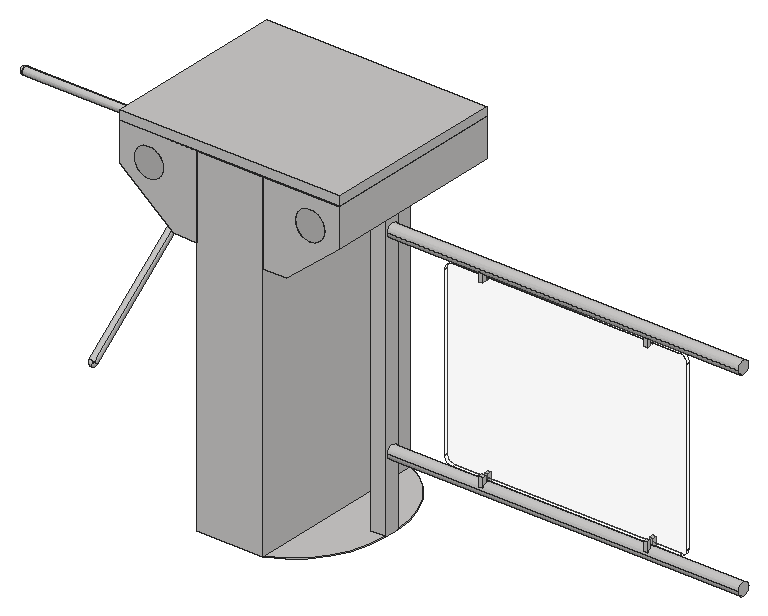
Revit family "CAME_Турникет_Калитка_SALOON_505КомбинированнаяДляМГН", category Специальное оборудование, Revit 2019
Family settings
  Размер круглого соединителя = Использовать диаметр
  Тип детали = Нормальный
  На основе рабочей плоскости = Нет
  Всегда вертикально = Да
  При загрузке вырезать с полостями = Нет
  Общий = Нет
  Точка расчета площади = Нет
Parameters
  Описание = "Турникет-калитка для МГН моторизованная. Корпус и преграды - нержавеющая сталь AISI 304. Оснащена платой управления и светодиодными указателями прохода и направления. Сервопозиционный электропривод створки с определением препятствий и автоматической разблокировкой при отключении электроэнергии. Створка 900 мм с информационной вставкой. Комбинированная с турникетом-триподом моторизованным высокоинтенсивным STILE 500 с автоматической системой антипаники. Встроенный блок питания."
  Минимальная ширина проема = 2020 mm  # constant formula
  Изготовитель = "CAME"  # constant formula
  Группа модели = "Турникеты"
  r = 33.7 mm / 2  # 16.85 mm
  Watermark [instance] = "Модели защищены уникальным кодом"
  URL = "https://camerussia.com"
  CAME_Тип механизма турникета = "моторизованный"  # constant formula
  CAME_Напряжение электропитания двигателя (В) = 24 V  # constant formula
  CAME_Максимальное количество проходов в минуту = "48"  # constant formula
  CAME_Класс защиты (IP) = "54"  # constant formula
  CAME_Интенсивность использования (%) = "ИНТЕНСИВНОЕ"  # constant formula
  CAME_Диапазон рабочих температур (°C) = "-20 ÷ +68"  # constant formula
  BL_Разработано = "support@bimlib.pro"  # constant formula
  BL_Email = "cru.info@came.com"  # constant formula
  BL_BIM library = "https://bimlib.pro/manufacturer/came/cf0b6efe-31e5-4ffa-b7ea-1d6fa84041d4/?tab=products"
  ADSK_Размер_Ширина = 1970 mm  # constant formula
  ADSK_Размер_Глубина = 500 mm  # constant formula
  ADSK_Размер_Высота = 955 mm  # constant formula
  ADSK_Полная мощность = ADSK_Номинальная мощность / ADSK_Коэффициент мощности  # 25 VA
  ADSK_Обозначение = "ТУ 26.30.50-001-89603926-2021"  # constant formula
  ADSK_Номинальная мощность = 24 W  # constant formula
  ADSK_Напряжение = 230 V  # constant formula
  ADSK_Наименование краткое = "Турникет-калитка МГН SALOON 505 комбинированная"  # constant formula
  ADSK_Наименование = "Турникет-калитка МГН моторизованная SALOON 505 двухпроходная комбинированная"  # constant formula
  ADSK_Масса_Текст = "56 кг"  # constant formula
  ADSK_Масса = 56  # constant formula
  ADSK_Марка = "АРТ:001PSSL505ED"  # constant formula
  ADSK_Коэффициент мощности = 0.96
  ADSK_Количество фаз = 1  # constant formula
  ADSK_Количество = 1  # constant formula
  ADSK_Код изделия = "Код КСР 26.30.50.119.61.2.07.09"  # constant formula
  ADSK_Классификация нагрузок = Прочее
  ADSK_Завод-изготовитель = "CAME"  # constant formula
  ADSK_Единица измерения = "шт."  # constant formula
  ADSK_Группирование = "SALOON"  # constant formula
  ADSK_Версия семейства = "1.0"  # constant formula
  ADSK_Версия Revit = "2019"  # constant formula
  ADSK_URL страницы изделия = "https://camerussia.com/product/001pssl505ed/"
  ADSK_URL документации изделия = "https://camerussia.com/uploads/support/instructions/files/Инструкция%20STILE-TWISTER-SALOON.pdf"
Reference planes
  plane 1 "По центру (Вперед/Назад)": y = 0
  plane 2: z = 0
  plane 3 "По центру (Влево/Вправо)": x = 0
  plane 4: y = 250
  plane 5: y = -250
  plane 6: z = 955
  plane 7: x = 1200
  plane 8: z = 705
  plane 9: x = 300
  plane 10: x = 1225
  plane 11: z = 930
  plane 12: x = 155
  plane 13: x = 90
  plane 14: x = -90
  plane 15: x = -155
  plane 16: x = -300
  plane 17: x = -770
  plane 18: x = -795
  plane 19: z = 185
  plane 20: z = 760
  plane 21: x = 220
Forms (mm)
  Extrusion 1, solid, material "CAME_Сталь_Нержавеющая_AISI 304", detail levels fine
    sketch origin (0, 0, 0) x (1, 0, 0) y (0, 0, 1)
      loop
        line (90, 705) -> (155, 705) -> (300, 826.669) -> (300, 930) -> (90, 930) -> (90, 705)
      loop
        line (-90, 705) -> (-90, 930) -> (-300, 930) -> (-300, 826.669) -> (-155, 705) -> (-90, 705)
    from -250 to 250
  Extrusion 2, solid, material "CAME_Сталь_Нержавеющая_AISI 304", detail levels fine
    sketch origin (-126.098, -1524, 930) x (-1, 0, 0) y (0, -1, 0)
      loop
        line (173.902, -1774) -> (173.902, -1274) -> (-426.098, -1274) -> (-426.098, -1774) -> (173.902, -1774)
    from 1 to 25
  Extrusion 3, solid, material "CAME_Стекло_Закаленное_Черное", detail levels fine
    sketch origin (866.16, -250, 1200) x (1, 0, 0) y (0, 0, 1)
      loop
        circle (-646.16, -345) r 40
      loop
        circle (-1086.16, -345) r 40
    from 0 to 2
  Extrusion 4, solid, material "CAME_Стекло_Закаленное_Черное", detail levels fine
    sketch origin (-872.529, 250, 1200) x (-1, 0, 0) y (0, 0, 1)
      loop
        circle (-1092.529, -345) r 40
      loop
        circle (-652.529, -345) r 40
    from 0 to 2
  Extrusion 5, solid, material "CAME_Сталь_Нержавеющая_AISI 304", detail levels medium
    sketch origin (0, 0, 0) x (1, 0, 0) y (0, 0, 1)
      loop
        line (90, 705) -> (155, 705) -> (300, 826.669) -> (300, 955) -> (-300, 955) -> (-300, 826.669) -> (-155, 705) -> (-90, 705) -> (-90, 0) -> (90, 0) -> (90, 705)
    from -250 to 250
  Extrusion 6, solid, material "CAME_Сталь_Нержавеющая_AISI 304", detail levels fine
    sketch origin (0, 0, 0) x (1, 0, 0) y (0, 1, 0)
      loop
        line (-90, 250) -> (-90, -250) -> (90, -250) -> (90, 250) -> (-90, 250)
    from 0 to 930
  Extrusion 7, solid, material "CAME_Сталь_Нержавеющая_AISI 304", detail levels medium+fine
    sketch origin (300, 748.337, 1200) x (0, 1, 0) y (0, 0, 1)
      loop
        circle (-748.337, -456.85) r 16.85
      loop
        circle (-748.337, -998.15) r 16.85
    from -60 to 900
  Extrusion 8, solid, material "CAME_Сталь_Нержавеющая_AISI 304", detail levels medium+fine
    sketch origin (0, 0, 0) x (1, 0, 0) y (0, 0, 1)
      loop
        line (200, 742.759) -> (200, 0) -> (240, 0) -> (240, 776.323) -> (200, 742.759)
    from -20 to 20
  Extrusion 9, solid, material "CAME_Сталь_Нержавеющая_AISI 304", detail levels medium+fine
    sketch origin (0, 0, 0) x (1, 0, 0) y (0, 1, 0)
      loop
        line (90, 250) -> (90, -250)
        arc (90, -250) -> (199.186, -157.295) -> (240, -20) r 251.333
        line (240, -20) -> (240, 20)
        arc (240, 20) -> (199.186, 157.295) -> (90, 250) r 251.333
    from 0 to 2
  Extrusion 10, solid, material "CAME_Стекло_Закаленное", detail levels fine
    sketch origin (0, 0, 0) x (1, 0, 0) y (0, 0, 1)
      loop
        line (410, 225) -> (1030, 225)
        arc (1030, 225) -> (1044.142, 230.858) -> (1050, 245) r 20
        line (1050, 245) -> (1050, 700)
        arc (1050, 700) -> (1044.142, 714.142) -> (1030, 720) r 20
        line (1030, 720) -> (410, 720)
        arc (410, 720) -> (395.858, 714.142) -> (390, 700) r 20
        line (390, 700) -> (390, 245)
        arc (390, 245) -> (395.858, 230.858) -> (410, 225) r 20
    from -5 to 5
  Extrusion 11, solid, material "CAME_Стекло_Закаленное", detail levels medium
    sketch origin (300, 748.337, 1200) x (0, 1, 0) y (0, 0, 1)
      loop
        line (-753.337, -472.941) -> (-753.337, -982.059)
        arc (-753.337, -982.059) -> (-748.337, -981.3) -> (-743.337, -982.059) r 16.85
        line (-743.337, -982.059) -> (-743.337, -472.941)
        arc (-743.337, -472.941) -> (-748.337, -473.7) -> (-753.337, -472.941) r 16.85
    from 90 to 750
  Extrusion 12, solid, material "CAME_Сталь_Нержавеющая_AISI 304", detail levels fine
    sketch origin (300, 748.337, 1200) x (0, 1, 0) y (0, 0, 1)
      loop
        line (-763.337, -464.526) -> (-763.337, -490) -> (-753.337, -490) -> (-753.337, -472.941)
        arc (-753.337, -472.941) -> (-759.186, -469.743) -> (-763.337, -464.526) r 16.85
      loop
        line (-743.337, -490) -> (-733.337, -490) -> (-733.337, -464.526)
        arc (-733.337, -464.526) -> (-737.487, -469.743) -> (-743.337, -472.941) r 16.85
        line (-743.337, -472.941) -> (-743.337, -490)
      loop
        arc (-763.337, -990.474) -> (-759.186, -985.257) -> (-753.337, -982.059) r 16.85
        line (-753.337, -982.059) -> (-753.337, -965) -> (-763.337, -965) -> (-763.337, -990.474)
      loop
        line (-743.337, -965) -> (-743.337, -982.059)
        arc (-743.337, -982.059) -> (-737.487, -985.257) -> (-733.337, -990.474) r 16.85
        line (-733.337, -990.474) -> (-733.337, -965) -> (-743.337, -965)
    from 190 to 200
  Extrusion 13, solid, material "CAME_Сталь_Нержавеющая_AISI 304", detail levels fine
    sketch origin (300, 748.337, 1200) x (0, 1, 0) y (0, 0, 1)
      loop
        line (-733.337, -965) -> (-743.337, -965) -> (-743.337, -982.059)
        arc (-743.337, -982.059) -> (-737.487, -985.257) -> (-733.337, -990.474) r 16.85
        line (-733.337, -990.474) -> (-733.337, -965)
      loop
        line (-753.337, -965) -> (-763.337, -965) -> (-763.337, -990.474)
        arc (-763.337, -990.474) -> (-759.186, -985.257) -> (-753.337, -982.059) r 16.85
        line (-753.337, -982.059) -> (-753.337, -965)
      loop
        line (-743.337, -490) -> (-733.337, -490) -> (-733.337, -464.526)
        arc (-733.337, -464.526) -> (-737.487, -469.743) -> (-743.337, -472.941) r 16.85
        line (-743.337, -472.941) -> (-743.337, -490)
      loop
        line (-763.337, -490) -> (-753.337, -490) -> (-753.337, -472.941)
        arc (-753.337, -472.941) -> (-759.186, -469.743) -> (-763.337, -464.526) r 16.85
        line (-763.337, -464.526) -> (-763.337, -490)
    from 640 to 650
Cuts and joins
  joined: Extrusion 8, Extrusion 9
Lines and regions (mm)
  model lines, style "CAME", detail levels coarse
    curve 1: line (-300, 250, 0) -> (300, 250, 0)
    curve 2: line (-300, -250, 0) -> (-300, 250, 0)
    curve 3: line (300, -250, 0) -> (-300, -250, 0)
    curve 4: line (300, 250, 0) -> (300, -250, 0)
    curve 5: line (300, 0, 0) -> (1200, 0, 0)
    curve 6: line (90, 250, 0) -> (90, -250, 0)
    curve 7: line (-90, 250, 0) -> (-90, -250, 0)
    curve 8: line (-300, 0, 0) -> (-770, 0, 0)
    curve 9: line (-300, 0, 0) -> (-360.777, 344.683, 0)
    curve 10: line (-300, 0, 0) -> (-360.777, -344.683, 0)
Dimensions and locks
  equal spacing: plane 5, plane 1 "По центру (Вперед/Назад)", plane 4
  "ADSK_Размер_Глубина": plane 5 to plane 4
  "ADSK_Размер_Высота": plane 6 to plane 2
  locked: plane 6 to plane 8 at 250
  locked: plane 3 "По центру (Влево/Вправо)" to plane 9 at 300
  locked: plane 6 to plane 11 at 25
  locked: plane 12 to plane 9 at 145
  locked: plane 6 to Extrusion 3 sketch curve at 100  (x2)
  locked: plane 9 to Extrusion 3 sketch curve at 80
  locked: plane 13 to plane 3 "По центру (Влево/Вправо)" at 90
  locked: plane 16 to plane 3 "По центру (Влево/Вправо)" at 300
  locked: plane 14 to plane 3 "По центру (Влево/Вправо)" at 90
  locked: plane 16 to plane 15 at 145
  "Минимальная ширина проема": plane 18 to plane 10
  locked: plane 16 to Extrusion 3 sketch curve at 80
  locked: plane 9 to plane 7 at 900
  locked: plane 18 to plane 17 at 25
  locked: plane 17 to plane 16 at 470
  locked: plane 19 to plane 2 at 185
  locked: plane 20 to plane 2 at 760
  "r": plane 20 to Extrusion 7 sketch curve
  "r": plane 19 to Extrusion 7 sketch curve
  locked: plane 21 to plane 13 at 130
  Extrusion 8 sketch curve to plane 21 to Extrusion 8 sketch curve = 20 mm locked, 20 mm locked
  locked: plane 7 to Extrusion 10 sketch curve at 150
  locked: Extrusion 10 sketch curve to Extrusion 10 sketch curve at 660
  locked: Extrusion 10 sketch curve to plane 19 at 40
  locked: plane 20 to Extrusion 10 sketch curve at 40
  "r": radius of Extrusion 7 sketch curve  (x2)
  radius of Extrusion 10 sketch curve = 20 mm  (x4)
  locked: plane 8 to Extrusion 1 sketch curve (angle 40.00°)
  locked: Extrusion 5 sketch curve to plane 8 (angle 40.00°)
  locked: Extrusion 1 sketch curve to plane 8 (angle 40.00°)
  aligned and locked: level to plane 2
  aligned and locked: plane 9 to Extrusion 1 sketch curve
  aligned and locked: Extrusion 1 sketch curve to plane 8
  aligned and locked: plane 12 to Extrusion 1 sketch curve
  aligned and locked: plane 11 to Extrusion 1 sketch curve
  aligned and locked: plane 4 to Extrusion 1
  aligned and locked: plane 5 to Extrusion 1
  aligned and locked: Extrusion 2 sketch curve to Extrusion 1  (x3)
  aligned and locked: plane 6 to Extrusion 2
  aligned and locked: Extrusion 4 sketch curve to Extrusion 3  (x4)
  aligned and locked: Extrusion 1 to Extrusion 5 sketch curve
  aligned and locked: Extrusion 5 sketch curve to Extrusion 1  (x2)
  aligned and locked: plane 4 to Extrusion 5
  aligned and locked: plane 5 to Extrusion 5
  aligned and locked: plane 13 to Extrusion 6 sketch curve
  aligned and locked: Extrusion 6 sketch curve to plane 4
  aligned and locked: Extrusion 6 sketch curve to plane 5
  aligned and locked: plane 11 to Extrusion 6
  aligned and locked: Extrusion 6 to level
  aligned and locked: plane 13 to Extrusion 1 sketch curve
  aligned and locked: plane 6 to Extrusion 5 sketch curve
  aligned and locked: plane 2 to Extrusion 5 sketch curve
  aligned and locked: plane 13 to Extrusion 5 sketch curve
  aligned and locked: Extrusion 6 sketch curve to plane 14
  aligned and locked: Extrusion 5 sketch curve to plane 14
  aligned and locked: plane 8 to Extrusion 5 sketch curve
  aligned and locked: plane 15 to Extrusion 5 sketch curve
  aligned and locked: Extrusion 5 sketch curve to plane 16
  aligned and locked: Extrusion 1 sketch curve to plane 11
  aligned and locked: Extrusion 1 sketch curve to plane 16
  aligned and locked: plane 14 to Extrusion 1 sketch curve
  aligned and locked: plane 8 to Extrusion 1 sketch curve
  aligned and locked: plane 15 to Extrusion 1 sketch curve
  aligned and locked: plane 16 to Extrusion 2 sketch curve
  aligned and locked: plane 1 "По центру (Вперед/Назад)" to nested 1
  aligned and locked: plane 1 "По центру (Вперед/Назад)" to Extrusion 7 sketch curve  (x2)
  aligned and locked: plane 7 to Extrusion 7
  aligned and locked: Extrusion 1 to Extrusion 8 sketch curve
  aligned and locked: plane 2 to Extrusion 8 sketch curve
  aligned and locked: Extrusion 7 to Extrusion 8
  aligned and locked: Extrusion 11 sketch curve to Extrusion 10  (x2)
  aligned and locked: Extrusion 11 sketch curve to Extrusion 7  (x2)
  aligned and locked: Extrusion 11 to Extrusion 10  (x2)
  aligned and locked: Extrusion 13 sketch curve to Extrusion 12  (x16)
Automatic sketch dimensions
  Extrusion 9 sketch curve to plane 4 = 0 mm
  plane 5 to Extrusion 9 sketch curve = 0 mm
  Extrusion 9 sketch curve to plane 13 = 0 mm
  Extrusion 9 sketch curve to plane 3 "По центру (Влево/Вправо)" = 11.333 mm  (x2)
  Extrusion 9 sketch curve to plane 1 "По центру (Вперед/Назад)" = 20 mm
  Extrusion 12 sketch curve to Extrusion 12 sketch curve = 0 mm  (x7)
  Extrusion 12 sketch curve to plane 1 "По центру (Вперед/Назад)" = 0 mm  (x2)
  plane 1 "По центру (Вперед/Назад)" to Extrusion 12 sketch curve = 5 mm  (x2)
  plane 8 to Extrusion 12 sketch curve = 5 mm  (x2)
  Extrusion 12 sketch curve to Extrusion 12 sketch curve = 10 mm  (x4)
  Extrusion 12 sketch curve to plane 1 "По центру (Вперед/Назад)" = 5 mm  (x2)
  Extrusion 12 sketch curve to plane 19 = 50 mm
  Extrusion 12 sketch curve to Extrusion 12 sketch curve = 17.059 mm  (x2)
  Extrusion 12 sketch curve to Extrusion 12 sketch curve = 8.415 mm  (x2)
  curve 3 to plane 16 = 0 mm
  curve 4 to plane 4 = 0 mm
  plane 5 to curve 4 = 0 mm
  plane 1 "По центру (Вперед/Назад)" to curve 5 = 0 mm
  curve 5 to plane 9 = 0 mm
  curve 5 to plane 7 = 0 mm
  curve 6 to plane 13 = 0 mm
  curve 7 to plane 14 = 0 mm
  plane 1 "По центру (Вперед/Назад)" to curve 8 = 0 mm
  curve 8 to plane 17 = 0 mm
  plane 1 "По центру (Вперед/Назад)" to curve 9 = 0 mm
  plane 16 to curve 9 = 60.777 mm
  plane 4 to curve 9 = 94.683 mm
  plane 1 "По центру (Вперед/Назад)" to curve 10 = 0 mm
  plane 16 to curve 10 = 60.777 mm
  plane 5 to curve 10 = 94.683 mm
  radius of Extrusion 3 sketch curve = 40 mm  (x2)
Nested families
  nested 1: "CAME_Трипод" at (-235.013, 0, 772.139) x (-0.766, 0, 0.6428) z (-0.6428, 0, -0.766), type "CAME_Трипод"
Connectors
  electrical at (0, 0, 0), driven by "ADSK_Количество фаз", driven by "ADSK_Напряжение", driven by "ADSK_Полная мощность", driven by "ADSK_Коэффициент мощности"
    settings: on Extrusion 6, index 1, voltage 230 V, apparent load 0 VA, apparent load phase1 25 VA, apparent load phase2 0 VA, apparent load phase3 0 VA, power factor 0.96, load classification "Прочее", number of poles 1, system type 31, power factor state 1, is connector primary yes, connector utility no, sub classification motor no, connector description ""
Definition of nested family "CAME_Трипод"
  Parameters (values of type "CAME_Трипод")
    Default Elevation = 1219.2 mm
    Материал крепления = none
    ADSK_Материал = none
  Reference planes
    plane 1 "По центру (Вперед/Назад)": y = 0
    plane 2: z = 0
    plane 3 "По центру (Влево/Вправо)": x = 0
    plane 4: z = 35
    plane 5 "A": through (0, 0, 1200) normal (-0.866, -0.5, 0)
    plane 6 "B": through (0, 0, 1200) normal (0.866, -0.5, 0)
  Forms (mm)
    Revolve 1, solid, material <- "ADSK_Материал", detail levels medium+fine
      sketch origin (0, 0, 0) x (1, 0, 0) y (0, 0, 1)
        loop
          line (62.5, 0) -> (73.667, 13.309) -> (38.314, 55.441) -> (0, 55.441) -> (0, 0) -> (62.5, 0)
        axis (0, 0) -> (0, 55.441)
      angle from 0 to 360
    Revolve 2, solid, material <- "ADSK_Материал", detail levels medium+fine
      sketch origin (0, 0, 0) x (1, 0, 0) y (0, 0, 1)
        loop
          line (47.835, 28.597) -> (54.238, 20.965) -> (414.279, 323.075) -> (407.876, 330.707) -> (47.835, 28.597)
        axis (47.835, 28.597) -> (407.876, 330.707)
      angle from 0 to 360
    Revolve 3, solid, material <- "ADSK_Материал", detail levels medium+fine
      sketch origin (0, 0, 1200) x (0.5, -0.866025, 0) y (0, 0, 1)
        loop
          line (-47.84, -1171.428) -> (-407.21, -869.88) -> (-414.308, -876.978) -> (-54.267, -1179.088) -> (-47.84, -1171.428)
        axis (-47.84, -1171.428) -> (-407.88, -869.318)
      angle from 0 to 360
    Revolve 4, solid, material <- "ADSK_Материал", detail levels medium+fine
      sketch origin (0, 0, 1200) x (0.5, 0.866025, 0) y (0, 0, 1)
        loop
          line (-40.179, -1177.856) -> (-407.21, -869.88) -> (-414.308, -876.978) -> (-46.607, -1185.516) -> (-40.179, -1177.856)
        axis (-40.179, -1177.856) -> (-407.88, -869.318)
      angle from 0 to 360
    Revolve 5, solid, material <- "ADSK_Материал", detail levels fine
      sketch origin (-27.75, -48.064, 35) x (-0.383022, -0.663414, 0.642788) y (-0.321394, -0.55667, -0.766044)
        loop
          line (460, 0) -> (470, 0)
          arc (470, 0) -> (467.071, 7.071) -> (460, 10) r 10
          line (460, 10) -> (460, 0)
        axis (460, 0) -> (470, 0)
      angle from 0 to 360
    Revolve 6, solid, material <- "ADSK_Материал", detail levels fine
      sketch origin (55.466, 0, 35) x (0.766044, 0, 0.642788) y (-0.642788, 0, 0.766044)
        loop
          arc (460.038, -9.962) -> (467.082, -7.044) -> (470, 0) r 9.962
          line (470, 0) -> (460.038, 0) -> (460.038, -9.962)
        axis (460.038, 0) -> (470, 0)
      angle from 0 to 360
    Revolve 7, solid, material <- "ADSK_Материал", detail levels fine
      sketch origin (-27.75, 48.064, 35) x (-0.383022, 0.663414, 0.642788) y (-0.321394, 0.55667, -0.766044)
        loop
          line (460, 0) -> (470, 0)
          arc (470, 0) -> (467.071, 7.071) -> (460, 10) r 10
          line (460, 10) -> (460, 0)
        axis (460, 0) -> (470, 0)
      angle from 0 to 360
  Cuts and joins
    joined: Revolve 1, Revolve 2, Revolve 3, Revolve 4
  Lines and regions (mm)
    reference lines
      curve 1: line (38.314, 0, 55.441) -> (73.667, 0, 13.309)
      curve 2: line (55.466, 0, 35) -> (488.281, 0, 398.175)
      curve 3: circle (0, 0, 35) r 55.5 normal (0, 0, 1)
      curve 4: line (-27.75, 48.064, 35) -> (-152.232, 263.674, 243.906)
      curve 5: line (-27.75, -48.064, 35) -> (-219.261, -379.771, 356.394)
  Dimensions and locks
    locked: plane 4 to plane 2 at 35
    locked: plane 1 "По центру (Вперед/Назад)" to plane 5 "A" (angle 120.00°)
    locked: plane 6 "B" to plane 1 "По центру (Вперед/Назад)" (angle 120.00°)
    angle curve 4 to plane 4 = 40.00°
    aligned and locked: level to plane 2
    aligned and locked: plane 3 "По центру (Влево/Вправо)" to Revolve 1 sketch curve
    aligned and locked: Revolve 1 sketch curve to Revolve 1 sketch curve
    aligned and locked: Revolve 2 sketch curve to curve 2
    aligned and locked: Revolve 3 sketch curve to curve 4
    aligned and locked: Revolve 4 sketch curve to curve 5
    aligned and locked: Revolve 5 sketch curve to curve 5
    aligned and locked: cut or joined group of Revolve 1, Revolve 2, Revolve 3, Revolve 4 to Revolve 5 sketch curve
    aligned and locked: curve 5 to Revolve 5 sketch curve
    aligned and locked: Revolve 6 sketch curve to curve 2
    aligned and locked: Revolve 6 sketch curve to cut or joined group of Revolve 1, Revolve 2, Revolve 3, Revolve 4
    aligned and locked: curve 2 to Revolve 6 sketch curve
    aligned and locked: Revolve 7 sketch curve to curve 4
    aligned and locked: curve 4 to Revolve 7 sketch curve
    aligned and locked: cut or joined group of Revolve 1, Revolve 2, Revolve 3, Revolve 4 to Revolve 7 sketch curve
